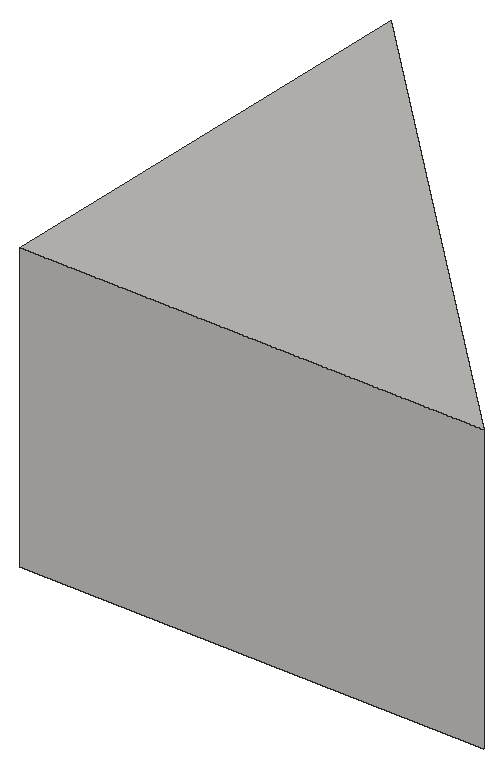
Revit family "Bench_Triangle_Noble", category Specialty Equipment, host Face, Revit 2016
Family settings
  Host = Face
  Part Type = Normal
  Round Connector Dimension = Use Diameter
  OmniClass Number = 23.45.55.21
  OmniClass Title = Drains (Wastes)
  Cut with Voids When Loaded = No
  Shared = No
  Room Calculation Point = No
Parameters (values of type "Large Triangular #402")
  Width = 32 1/2"
  URL = "www.noblecompany.com"
  Type Comments = ""
  Triangle = yes
  Tile [instance] = Stainless Steel - Brushed
  Product Properties = "http://www.noblecompany.com/Portals/0/PRODUCT%20INFO/Product%20Descriptions/FreeStyle%20Linear%20Drain%20Product%20Decription%200410.pdf"
  Product Data = "http://www.noblecompany.com/Products/ShowerProducts/tabid/59/Default.aspx"
  Model = ""
  Manufacturer Phone - Toll Free = "800-878-5788"
  Manufacturer Phone = "231-799-8000"
  Manufacturer Fax = "231-799-8850"
  Manufacturer Email = "mailto:sales@noblecompany.com"
  Manufacturer Address = "7300 Enterprise Drive, Spring Lake, MI  49456 USA"
  Manufacturer = "Noble Company"
  Length = 32 1/2"
  Installation-Fabrication = "http://www.noblecompany.com/Portals/0/PRODUCT%20INFO/Product%20Descriptions/FreeStyle%20Linear%20Drain%20Product%20Decription%200410.pdf"
  Height = 20"
  Description = "Freestyle 24 ABS - Wave Linear Drain"
  Building Codes = "http://www.noblecompany.com/Portals/0/TECHNICAL%20INFO/Listing_Testing_Certification_Reports/PMG-1065%20Noble%20Company%20Linear%20Drain%20final%202.pdf"
  Base = Polymer coated Expanded Polystyrene
  Assembly Code = "D2030300"
  Default Elevation = 0"
Types (2): name | Width | Length
  Large Triangular #402 | 32 1/2" | 32 1/2"
  Small Triangular #400 | 22" | 22"
Reference planes (in)
  plane 1 "Center (Front/Back)": y = 0
  plane 2: z = 0
  plane 3 "Center (Left/Right)": x = 0
  plane 4: x = 32.5
  plane 5: y = 32.5
  plane 6: z = 20
Forms (in)
  Extrusion 1, solid, material "Polymer coated Expanded Polystyrene" <- "Base"
    sketch origin (0, 0, 0) x (1, 0, 0) y (0, 1, 0)
      loop
        line (0, 0) -> (32.5, 0) -> (0, 32.5) -> (0, 0)
    from 0 to 20
Dimensions and locks (in)
  "Height": plane 6 to level
  "Length": plane 1 "Center (Front/Back)" to plane 5
  "Width": plane 3 "Center (Left/Right)" to plane 4
  aligned and locked: plane 2 to host face
  aligned and locked: level to host face
  aligned and locked: plane 1 "Center (Front/Back)" to Extrusion 1 sketch curve
  aligned and locked: plane 6 to Extrusion 1
Automatic sketch dimensions
  host sketch curve to host sketch curve = 56 1/2"
  host sketch curve to host sketch curve = 49.54642"
  Extrusion 1 sketch curve to plane 4 = 0"
  Extrusion 1 sketch curve to plane 5 = 0"
  Extrusion 1 sketch curve to plane 3 "Center (Left/Right)" = 0"
